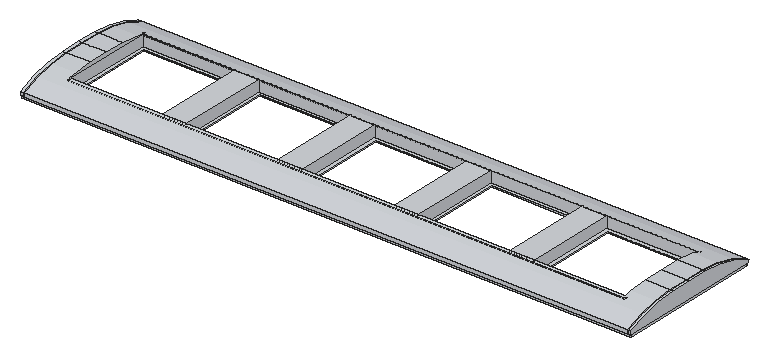
Revit family "Gira_0215723", category Electrical Fixtures, host Face, Revit 2017
Family settings
  Host = Face
  Maintain Annotation Orientation = No
  Round Connector Dimension = Use Diameter
  Part Type = Normal
  Cut with Voids When Loaded = No
  Shared = No
  Room Calculation Point = No
Parameters (values of type "Cov.fr. 5-g interm.fr. PW Gira Event Clear white")
  URL = "http://katalog.gira.de/en/datenblatt.html?artikelnr=0215723"
  Transparent = "No"
  Name = "Cov.fr. 5-g interm.fr. PW Gira Event Clear white"
  Manufacturer URL = "https://www.gira.de/"
  Manufacturer = "Gira"
  Label space/information surface = "No"
  Keynote = ""
  HeinzeBIM = "https://bimportal.heinze.de/bim/cov-fr-5-g-interm-fr-pw-gira-event-clear-white/f6dced02cd7160956ee6e59b14a1e837f461fb89"
  HAN = "0215723"
  GTIN = "4010337068693"
  Description = "Cov.fr.5g i.fr.PW EvCl WH,Gira Event Clear cover frame,white with pure white glossy intermediate frame,5-gang,Features:,- Shatter-proof."
  Default Elevation = 1219.2 mm
  Data sheet (1) = "https://katalog.gira.de/en/download.html?artikelnr=0215723"
  Category = "Cover frame for domestic switching devices"
  BIM (1) = "https://media.stage.bim.site/public/gira/36a6b08/Event_Rahmen_5fach.rfa"
  Available = "No"
Reference planes
  plane 1 "Center (Front/Back)": y = 0
  plane 2: z = 0
  plane 3 "Center (Left/Right)": x = 0
Forms (mm)
  Extrusion 1, solid, detail levels fine
    sketch origin (0, 0, 0.05) x (0, 1, 0) y (0, 0, 1)
      loop
        arc (12.445, 9.683) -> (6.223, 9.833) -> (0, 9.85) r 291.636
        arc (0, 9.85) -> (-6.223, 9.833) -> (-12.445, 9.683) r 291.636
        arc (-12.445, 9.683) -> (-29.14, 7.482) -> (-45, 1.823) r 79.728
        line (-45, 1.823) -> (-45, -0.05) -> (-42.086, -0.05)
        arc (-42.086, -0.05) -> (-21.385, 5.559) -> (0, 7.206) r 114.424
        arc (0, 7.206) -> (21.385, 5.559) -> (42.086, -0.05) r 114.424
        line (42.086, -0.05) -> (45, -0.05) -> (45, 1.823)
        arc (45, 1.823) -> (29.14, 7.482) -> (12.445, 9.683) r 79.728
    from -185.578 to 185.593
  Extrusion 2, void, detail levels fine
    sketch origin (0, 0, 0) x (1, 0, 0) y (0, 1, 0)
      loop
        line (170.607, 28) -> (-170.593, 28) -> (-170.593, -28) -> (170.607, -28) -> (170.607, 28)
    from 0.724 to 11
  Extrusion 3, solid, detail levels coarse
    sketch origin (0, 0, 0) x (1, 0, 0) y (0, 1, 0)
      loop
        line (-187.578, 45) -> (-187.578, -45) -> (187.593, -45) -> (187.593, 45) -> (-187.578, 45)
    from -1.5 to 9.9
  Extrusion 4, solid, detail levels medium
    sketch origin (0, 0, 0.05) x (0, 1, 0) y (0, 0, 1)
      loop
        arc (12.445, 9.683) -> (6.223, 9.833) -> (0, 9.85) r 291.636
        arc (0, 9.85) -> (-6.223, 9.833) -> (-12.445, 9.683) r 291.636
        arc (-12.445, 9.683) -> (-29.14, 7.482) -> (-45, 1.823) r 79.728
        line (-45, 1.823) -> (-45, -0.05) -> (45, -0.05) -> (45, 1.823)
        arc (45, 1.823) -> (29.14, 7.482) -> (12.445, 9.683) r 79.728
    from -187.578 to 187.593
  Extrusion 5, solid, detail levels fine
    sketch origin (-142.578, 0, -1.5) x (0, 1, 0) y (0, 0, -1)
      loop
        line (45, -3.373) -> (45, -1.5) -> (-45, -1.5) -> (-45, -3.373)
        arc (-45, -3.373) -> (-29.14, -9.032) -> (-12.445, -11.233) r 79.728
        arc (-12.445, -11.233) -> (-6.223, -11.383) -> (0, -11.4) r 291.636
        arc (0, -11.4) -> (6.223, -11.383) -> (12.445, -11.233) r 291.636
        arc (12.445, -11.233) -> (29.14, -9.032) -> (45, -3.373) r 79.728
    from 43 to 45
  Extrusion 6, solid, detail levels fine
    sketch origin (0, 0, 0) x (1, 0, 0) y (0, 1, 0)
      loop
        line (-168.493, 25.7) -> (-168.493, -25.7) -> (-116.693, -25.7) -> (-116.693, 25.7) -> (-168.493, 25.7)
      loop
        line (-45.398, -25.7) -> (-45.398, 25.7) -> (-97.198, 25.7) -> (-97.198, -25.7) -> (-45.398, -25.7)
      loop
        line (-171.487, 28.49) -> (-171.487, -28.495)
        spline (-171.487, -28.495) -> (-171.479, -28.625) -> (-171.453, -28.754) -> (-171.411, -28.878) -> (-171.353, -28.995) -> (-171.281, -29.104) -> (-171.194, -29.202) -> (-171.096, -29.288) -> (-170.987, -29.361) -> (-170.87, -29.419) -> (-170.746, -29.461) -> (-170.618, -29.486) -> (-170.487, -29.495)
        line (-170.487, -29.495) -> (170.502, -29.495)
        spline (170.502, -29.495) -> (170.633, -29.486) -> (170.761, -29.461) -> (170.885, -29.419) -> (171.002, -29.361) -> (171.111, -29.288) -> (171.209, -29.202) -> (171.296, -29.104) -> (171.368, -28.995) -> (171.426, -28.878) -> (171.468, -28.754) -> (171.494, -28.625) -> (171.502, -28.495)
        line (171.502, -28.495) -> (171.502, 28.49)
        spline (171.502, 28.49) -> (171.494, 28.62) -> (171.468, 28.748) -> (171.426, 28.872) -> (171.368, 28.99) -> (171.296, 29.098) -> (171.209, 29.197) -> (171.111, 29.283) -> (171.002, 29.356) -> (170.885, 29.413) -> (170.761, 29.456) -> (170.633, 29.481) -> (170.502, 29.49)
        line (170.502, 29.49) -> (-170.487, 29.49)
        spline (-170.487, 29.49) -> (-170.618, 29.481) -> (-170.746, 29.456) -> (-170.87, 29.413) -> (-170.987, 29.356) -> (-171.096, 29.283) -> (-171.194, 29.197) -> (-171.281, 29.098) -> (-171.353, 28.99) -> (-171.411, 28.872) -> (-171.453, 28.748) -> (-171.479, 28.62) -> (-171.487, 28.49)
      loop
        line (25.902, -25.7) -> (25.902, 25.7) -> (-25.898, 25.7) -> (-25.898, -25.7) -> (25.902, -25.7)
      loop
        line (97.207, -25.7) -> (97.207, 25.7) -> (45.407, 25.7) -> (45.407, -25.7) -> (97.207, -25.7)
      loop
        line (168.507, -25.7) -> (168.507, 25.7) -> (116.707, 25.7) -> (116.707, -25.7) -> (168.507, -25.7)
    from 0.1 to 7.3
  Extrusion 7, solid
    sketch origin (0, 0, 0) x (1, 0, 0) y (0, 1, 0)
      loop
        arc (-187.293, -44.218) -> (-187.146, -44.572) -> (-186.793, -44.718) r 0.5
        line (-186.793, -44.718) -> (186.807, -44.718)
        arc (186.807, -44.718) -> (187.161, -44.572) -> (187.307, -44.218) r 0.5
        line (187.307, -44.218) -> (187.307, 44.182)
        arc (187.307, 44.182) -> (187.161, 44.535) -> (186.807, 44.682) r 0.5
        line (186.807, 44.682) -> (-186.793, 44.682)
        arc (-186.793, 44.682) -> (-187.146, 44.535) -> (-187.293, 44.182) r 0.5
        line (-187.293, 44.182) -> (-187.293, -44.218)
      loop
        line (-185.593, 42.982) -> (-185.593, -43.018) -> (185.607, -43.018) -> (185.607, 42.982) -> (-185.593, 42.982)
    from -1.5 to 0.5
  Extrusion 8, solid, detail levels fine
    sketch origin (142.593, 0, -1.5) x (0, 1, 0) y (0, 0, 1)
      loop
        arc (45, 3.373) -> (29.14, 9.032) -> (12.445, 11.233) r 79.728
        arc (12.445, 11.233) -> (6.223, 11.383) -> (0, 11.4) r 291.636
        arc (0, 11.4) -> (-6.223, 11.383) -> (-12.445, 11.233) r 291.636
        arc (-12.445, 11.233) -> (-29.14, 9.032) -> (-45, 3.373) r 79.728
        line (-45, 3.373) -> (-45, 1.5) -> (45, 1.5) -> (45, 3.373)
    from 43 to 45
  Extrusion 9, solid, detail levels medium
    sketch origin (0, 0, 0) x (1, 0, 0) y (0, 1, 0)
      loop
        line (-187.293, -44.718) -> (187.307, -44.718) -> (187.307, 44.682) -> (-187.293, 44.682) -> (-187.293, -44.718)
    from -1.5 to 0.5
  Extrusion 10, solid, detail levels fine
    sketch origin (-105.5, 0, 0) x (1, 0, 0) y (0, 1, 0)
      loop
        line (-8.943, 28.063) -> (-8.943, -27.937) -> (6.057, -27.937) -> (6.057, 28.063) -> (-8.943, 28.063)
    from 0.724 to 7.566
  Extrusion 11, solid, detail levels fine
    sketch origin (-37.085, 0, 0) x (-1, 0, 0) y (0, -1, 0)
      loop
        line (-8.943, -28.063) -> (6.057, -28.063) -> (6.057, 27.937) -> (-8.943, 27.937) -> (-8.943, -28.063)
    from 0.724 to 7.566
  Extrusion 12, solid, detail levels fine
    sketch origin (105.5, 0, 0) x (-1, 0, 0) y (0, -1, 0)
      loop
        line (-8.943, -28.063) -> (6.057, -28.063) -> (6.057, 27.937) -> (-8.943, 27.937) -> (-8.943, -28.063)
    from 0.724 to 7.566
  Extrusion 13, solid, detail levels fine
    sketch origin (37.085, 0, 0) x (1, 0, 0) y (0, 1, 0)
      loop
        line (-8.943, 28.063) -> (-8.943, -27.937) -> (6.057, -27.937) -> (6.057, 28.063) -> (-8.943, 28.063)
    from 0.724 to 7.566
Cuts and joins
  Extrusion 2 cuts Extrusion 1
  Extrusion 2 cuts Extrusion 6
Dimensions and locks
  aligned and locked: plane 2 to host face
  aligned and locked: level to host face
